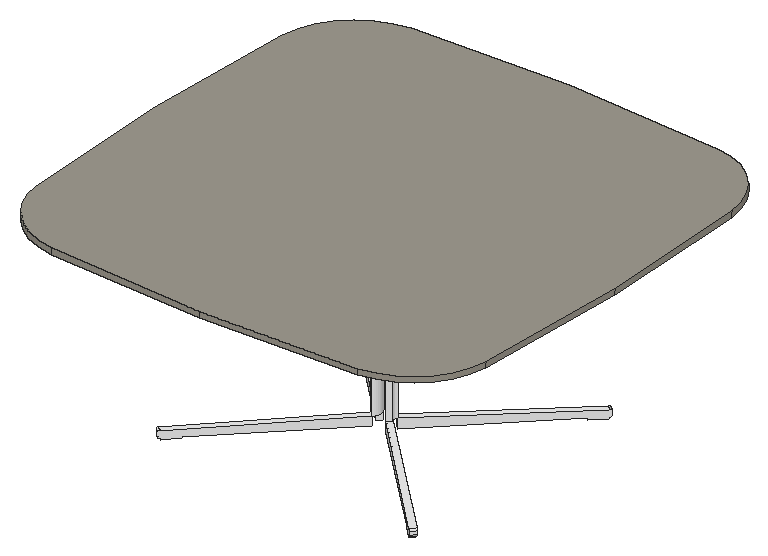
Revit family "Table-Coffee-Teknion-STMTQ_Envita-R2011", category Furniture, Revit 2013
Parameters (values of type "18 1/2" High")
  Width = 3' - 5.67"  # constant formula
  Warranty = "http://www.teknionstudio.com/pdfs/Teknion%20Studio%20Warranty.pdf"
  URL = "http://www.teknionstudio.com/"
  Surface and Edge Trim Finish [instance] = Wood - Teknion - MP G - Natural Maple Flat Edge
  Series = "Teknion Studio"
  Salvage or Reuse = yes
  Product Page URL = "http://www.teknionstudio.com/envita_tables/#.UkRdPz8QP-o"
  Product Line = "Envita"
  Product Documentation Link = "http://www.teknionstudio.com/pricing/STMTQ_ppg.pdf"
  Percentage of Recycled Content = 0
  Part Number = "STMTQ"
  Model = "STMTQC"
  Manufacturer Phone = "919-464-2920"
  Manufacturer Fax = "919-464-2927"
  Manufacturer Email = "mailto:customersupport@teknionstudio.com"
  Manufacturer Address = "3940 US 70 Business HWY West, Clayton, NC 27520"
  Manufacturer = "Teknion Studio"  # constant formula
  Low Emitting Material = yes
  Low Emitting Finish = yes
  Height = 1' - 6 1/2"
  Frame Finish [instance] = Metal - Teknion - C6 - Chrome
  Description = "Envita Square Coffee Table, 18 1/2\" (47cm) High"
  Depth = 3' - 5.67"  # constant formula
  Assembly Code = "E2020200"
Types (2): name | Model | Height | Description
  15" High | "STMTQA" | 1' - 3" | "Envita Square Coffee Table, 15\" (38cm) High"
  18 1/2" High | "STMTQC" | 1' - 6 1/2" | "Envita Square Coffee Table, 18 1/2\" (47cm) High"
Reference planes (in)
  plane 1 "Center F/B": y = 0
  plane 2: z = 0
  plane 3 "Center L/R": x = 0
  plane 4 "Top": z = 18.5
  plane 5: z = 18
  plane 6 "Side 1": through (-4.75087, 4.75087, 48) normal (0.7071, 0.7071, 0)
  plane 7 "Side 2": through (4.75087, 4.75087, 48) normal (0.7071, -0.7071, 0)
  plane 8: z = 17.875
  plane 9: through (-10.4521, 10.71726, 48) normal (0.7071, -0.7071, 0)
  plane 10: through (10.71726, -10.4521, 48) normal (0.7071, -0.7071, 0)
  plane 11: through (11.37912, -11.37912, 48) normal (-0.7071, 0.7071, 0)
  plane 12: through (-11.37912, 11.37912, 48) normal (-0.7071, 0.7071, 0)
  plane 13: through (11.37912, 11.37912, 48) normal (-0.7071, -0.7071, 0)
  plane 14: through (-10.71726, -10.4521, 48) normal (0.7071, 0.7071, 0)
  plane 15: through (-11.37912, -11.37912, 48) normal (-0.7071, -0.7071, 0)
  plane 16: through (10.4521, 10.71726, 48) normal (0.7071, 0.7071, 0)
  plane 17: through (-12.09615, 11.38904, 48) normal (0.7071, 0.7071, 0)
  plane 18: through (11.91049, 11.20338, 48) normal (0.7071, -0.7071, 0)
  plane 19: through (-12.10985, -11.40274, 48) normal (-0.7071, 0.7071, 0)
  plane 20: through (12.24463, -11.53752, 48) normal (-0.7071, -0.7071, 0)
  plane 21: through (-4.41942, 4.06586, 48) normal (0.7071, 0.7071, 0)
  plane 22: through (-4.06586, 4.41942, 48) normal (0.7071, 0.7071, 0)
  plane 23: through (-3.96143, -3.60788, 48) normal (-0.7071, 0.7071, 0)
  plane 24: through (-3.60788, -3.96143, 48) normal (-0.7071, 0.7071, 0)
  plane 25: through (-0.61872, 0.61872, 48) normal (-0.7071, 0.7071, 0)
  plane 26: through (0.61872, 0.61872, 48) normal (-0.7071, -0.7071, 0)
  plane 27: through (-0.61872, -0.61872, 48) normal (0.7071, 0.7071, 0)
  plane 28: through (0.61872, -0.61872, 48) normal (0.7071, -0.7071, 0)
  plane 29: z = 0.71114
  plane 30: z = 0.99005
  plane 31: z = 0.125
  plane 32: z = 17.12499
  plane 33: y = 20.835
  plane 34: y = -20.835
  plane 35: x = -20.835
  plane 36: x = 20.835
  plane 37: x = -15
  plane 38: y = 15
  plane 39: y = -15
  plane 40: x = 15
  plane 41: y = 13.91421
  plane 42: x = 12.5
  plane 43: y = -12.5
  plane 44: x = -12.5
  plane 45: x = -13.91421
  plane 46: x = 13.91421
  plane 47: y = 12.5
  plane 48: y = -13.91421
  plane 49: y = 1
  plane 50: y = -1
  plane 51: x = 1
  plane 52: y = -2.39925
  plane 53: x = 2.39925
  plane 54: x = -1
  plane 55: x = -2.39925
  plane 56: y = 2.39925
Forms (in)
  Extrusion 1, solid, material "Metal - Teknion - C6 - Chrome" <- "Frame Finish"
    sketch origin (0, 0, 18.5) x (-1, 0, 0) y (0, -1, 0)
      loop
        arc (0.97227, -0.26517) -> (0.875, 0) -> (0.97227, 0.26517) r 0.41006
        line (0.97227, 0.26517) -> (0.594, 0.64344)
        arc (0.594, 0.64344) -> (0.3186, 0) -> (0.594, -0.64344) r 0.88937
        line (0.594, -0.64344) -> (0.97227, -0.26517)
      loop
        line (-0.97227, -0.26517) -> (-0.61872, -0.61872)
        arc (-0.61872, -0.61872) -> (-0.35355, 0) -> (-0.61872, 0.61872) r 0.85442
        line (-0.61872, 0.61872) -> (-0.97227, 0.26517)
        arc (-0.97227, 0.26517) -> (-0.875, 0) -> (-0.97227, -0.26517) r 0.41006
    from -0.5 to -17.50995
  Extrusion 2, solid, material "Metal - Teknion - C6 - Chrome" <- "Frame Finish"
    sketch origin (0, 0, 18.5) x (-1, 0, 0) y (0, -1, 0)
      loop
        circle (0, 0) r 1
    from -1.37501 to -0.5
  Extrusion 3, solid, material "Metal - Teknion - C6 - Chrome" <- "Frame Finish"
    sketch origin (0, 0, 0) x (-0.707107, 0.707107, 0) y (0, 0, 1)
      loop
        line (14.969, 17.875) -> (0.875, 17.875) -> (0.875, 17.12499) -> (0.96858, 17.12499) -> (14.76346, 17.61766)
        arc (14.76346, 17.61766) -> (14.9088, 17.67786) -> (14.969, 17.8232) r 0.20554
        line (14.969, 17.8232) -> (14.969, 17.875)
      loop
        line (-0.875, 17.875) -> (-14.969, 17.875) -> (-14.969, 17.8232)
        arc (-14.969, 17.8232) -> (-14.91389, 17.68314) -> (-14.77812, 17.61818) r 0.20554
        line (-14.77812, 17.61818) -> (-0.96858, 17.12499) -> (-0.875, 17.12499) -> (-0.875, 17.875)
    from -0.25 to 0.25
  Extrusion 4, solid, material "Metal - Teknion - C6 - Chrome" <- "Frame Finish"
    sketch origin (4.75087, 4.75087, 48) x (0.707107, 0.707107, 0) y (0, 0, -1)
      loop
        line (8.25025, 30.125) -> (8.25025, 30.1768)
        arc (8.25025, 30.1768) -> (8.19005, 30.32214) -> (8.04471, 30.38234) r 0.20554
        line (8.04471, 30.38234) -> (-5.75017, 30.87501) -> (-5.84375, 30.87501) -> (-5.84375, 30.125) -> (8.25025, 30.125)
      loop
        line (-7.59375, 30.125) -> (-7.59375, 30.87501) -> (-7.68733, 30.87501) -> (-21.49687, 30.38182)
        arc (-21.49687, 30.38182) -> (-21.63264, 30.31686) -> (-21.68775, 30.1768) r 0.20554
        line (-21.68775, 30.1768) -> (-21.68775, 30.125) -> (-7.59375, 30.125)
    from -0.25 to 0.25
  Extrusion 5, solid, material "Metal - Teknion - C6 - Chrome" <- "Frame Finish"
    sketch origin (-12.09615, 11.38904, 48) x (-0.707107, 0.707107, 0) y (0, 0, 1)
      loop
        line (-0.51404, -47.725) -> (-0.51404, -47.43614)
        arc (-0.51404, -47.43614) -> (-0.557, -47.33105) -> (-0.66129, -47.28616) r 0.15
        line (-0.66129, -47.28616) -> (-15.73154, -47.00995) -> (-15.73154, -47.875) -> (-2.26598, -47.875) -> (-2.26598, -48) -> (-0.76173, -48) -> (-0.76173, -47.875) -> (-0.66404, -47.875)
        arc (-0.66404, -47.875) -> (-0.55797, -47.83107) -> (-0.51404, -47.725) r 0.15
    from 0 to 0.5
  Extrusion 6, solid, material "Metal - Teknion - C6 - Chrome" <- "Frame Finish"
    sketch origin (-12.10985, -11.40274, 48) x (-0.707107, -0.707107, 0) y (0, 0, 1)
      loop
        line (-0.53341, -47.725) -> (-0.53341, -47.43614)
        arc (-0.53341, -47.43614) -> (-0.57638, -47.33105) -> (-0.68066, -47.28616) r 0.15
        line (-0.68066, -47.28616) -> (-15.75091, -47.00995) -> (-15.75091, -47.875) -> (-2.28535, -47.875) -> (-2.28535, -48) -> (-0.78111, -48) -> (-0.78111, -47.875) -> (-0.68341, -47.875)
        arc (-0.68341, -47.875) -> (-0.57734, -47.83107) -> (-0.53341, -47.725) r 0.15
    from 0 to -0.5
  Extrusion 7, solid, material "Metal - Teknion - C6 - Chrome" <- "Frame Finish"
    sketch origin (4.75087, 4.75087, 48) x (0.707107, 0.707107, 0) y (0, 0, -1)
      loop
        arc (9.37375, 47.725) -> (9.32982, 47.83107) -> (9.22375, 47.875) r 0.15
        line (9.22375, 47.875) -> (9.12605, 47.875) -> (9.12605, 48) -> (7.62181, 48) -> (7.62181, 47.875) -> (-5.84375, 47.875) -> (-5.84375, 47.0081) -> (9.2265, 47.28616)
        arc (9.2265, 47.28616) -> (9.33078, 47.33105) -> (9.37375, 47.43614) r 0.15
        line (9.37375, 47.43614) -> (9.37375, 47.725)
    from 0 to -0.5
  Extrusion 8, solid, material "Metal - Teknion - C6 - Chrome" <- "Frame Finish"
    sketch origin (-4.75087, 4.75087, 48) x (-0.707107, 0.707107, 0) y (0, 0, 1)
      loop
        arc (-22.81125, -47.725) -> (-22.76732, -47.83107) -> (-22.66125, -47.875) r 0.15
        line (-22.66125, -47.875) -> (-22.56355, -47.875) -> (-22.56355, -48) -> (-21.05931, -48) -> (-21.05931, -47.875) -> (-7.59375, -47.875) -> (-7.59375, -47.00995) -> (-22.664, -47.28616)
        arc (-22.664, -47.28616) -> (-22.76828, -47.33105) -> (-22.81125, -47.43614) r 0.15
        line (-22.81125, -47.43614) -> (-22.81125, -47.725)
    from 0 to 0.5
  Extrusion 9, solid, material "Wood - Teknion - MP G - Natural Maple Flat Edge" <- "Surface and Edge Trim Finish"
    sketch origin (-15, -180, 18) x (-1, 0, 0) y (0, -1, 0)
      loop
        arc (-28.82063, -159.74661) -> (-33.21342, -161.78658) -> (-35.25339, -166.17937) r 7.05
        arc (-35.25339, -166.17937) -> (-35.68953, -173.08357) -> (-35.835, -180) r 164.5
        arc (-35.835, -180) -> (-35.68953, -186.91643) -> (-35.25339, -193.82063) r 164.5
        arc (-35.25339, -193.82063) -> (-33.21342, -198.21342) -> (-28.82063, -200.25339) r 7.05
        arc (-28.82063, -200.25339) -> (-21.91643, -200.68953) -> (-15, -200.835) r 164.5
        arc (-15, -200.835) -> (-8.08357, -200.68953) -> (-1.17937, -200.25339) r 164.5
        arc (-1.17937, -200.25339) -> (3.21342, -198.21342) -> (5.25339, -193.82063) r 7.05
        arc (5.25339, -193.82063) -> (5.68953, -186.91643) -> (5.835, -180) r 164.5
        arc (5.835, -180) -> (5.68953, -173.08357) -> (5.25339, -166.17937) r 164.5
        arc (5.25339, -166.17937) -> (3.21342, -161.78658) -> (-1.17937, -159.74661) r 7.05
        arc (-1.17937, -159.74661) -> (-8.08357, -159.31047) -> (-15, -159.165) r 164.5
        arc (-15, -159.165) -> (-21.91643, -159.31047) -> (-28.82063, -159.74661) r 164.5
    from 0 to 0.5
  Extrusion 10, solid, material "Metal - Teknion - C6 - Chrome" <- "Frame Finish"
    sketch origin (0, 0, 0) x (1, 0, 0) y (0, 1, 0)
      loop
        arc (-13, 15) -> (-14.41421, 14.41421) -> (-15, 13) r 2
        line (-15, 13) -> (-15, -13)
        arc (-15, -13) -> (-14.41421, -14.41421) -> (-13, -15) r 2
        line (-13, -15) -> (13, -15)
        arc (13, -15) -> (14.41421, -14.41421) -> (15, -13) r 2
        line (15, -13) -> (15, 13)
        arc (15, 13) -> (14.41421, 14.41421) -> (13, 15) r 2
        line (13, 15) -> (-13, 15)
    from 17.875 to 18
Lines and regions (in)
  Masking region 1
    outline origin (0, 0, 18.5) x (-1, 0, 0) y (0, -1, 0)
      loop
        arc (13.82063, -20.25339) -> (18.21342, -18.21342) -> (20.25339, -13.82063) r 7.05
        arc (20.25339, -13.82063) -> (20.68953, -6.91643) -> (20.835, 0) r 164.5
        arc (20.835, 0) -> (20.68953, 6.91643) -> (20.25339, 13.82063) r 164.5
        arc (20.25339, 13.82063) -> (18.21342, 18.21342) -> (13.82063, 20.25339) r 7.05
        arc (13.82063, 20.25339) -> (6.91643, 20.68953) -> (0, 20.835) r 164.5
        arc (0, 20.835) -> (-6.91643, 20.68953) -> (-13.82063, 20.25339) r 164.5
        arc (-13.82063, 20.25339) -> (-18.21342, 18.21342) -> (-20.25339, 13.82063) r 7.05
        arc (-20.25339, 13.82063) -> (-20.68953, 6.91643) -> (-20.835, 0) r 164.5
        arc (-20.835, 0) -> (-20.68953, -6.91643) -> (-20.25339, -13.82063) r 164.5
        arc (-20.25339, -13.82063) -> (-18.21342, -18.21342) -> (-13.82063, -20.25339) r 7.05
        arc (-13.82063, -20.25339) -> (-6.91643, -20.68953) -> (0, -20.835) r 164.5
        arc (0, -20.835) -> (6.91643, -20.68953) -> (13.82063, -20.25339) r 164.5
  symbolic lines, style "Hidden Lines", detail levels medium+fine
    curve 1: line (11.37912, 11.37912, 18.5) -> (0.61872, 0.61872, 18.5)
    curve 2: circle (0, 0, 18.5) r 0.875 normal (0, 0, 1)
    curve 3: circle (0, 0, 18.5) r 0.6875 normal (0, 0, 1)
    curve 4: arc (-0.49745, -0.47455, 18.5) -> (-0.35355, 0, 18.5) -> (-0.49745, 0.47455, 18.5) r 0.85442
    curve 5: arc (0.49745, 0.47455, 18.5) -> (0.35355, 0, 18.5) -> (0.49745, -0.47455, 18.5) r 0.85442
    curve 14: line (-11.73267, -11.02556, 18.5) -> (-0.96593, -0.25882, 18.5)
    curve 15: line (11.73267, 11.02556, 18.5) -> (0.97227, 0.26517, 18.5)
    curve 16: line (11.37912, -11.37912, 18.5) -> (11.73267, -11.02556, 18.5)
    curve 17: line (11.73267, -11.02556, 18.5) -> (0.97227, -0.26517, 18.5)
    curve 18: line (-11.73267, 11.02556, 18.5) -> (-0.97227, 0.26517, 18.5)
    curve 19: line (-11.73267, 11.02556, 18.5) -> (-11.37912, 11.37912, 18.5)
    curve 20: line (-11.37912, 11.37912, 18.5) -> (-0.61872, 0.61872, 18.5)
    curve 21: line (-11.37912, -11.37912, 18.5) -> (-11.73267, -11.02556, 18.5)
    curve 22: line (11.73267, 11.02556, 18.5) -> (11.37912, 11.37912, 18.5)
    curve 23: line (-0.61872, -0.61872, 18.5) -> (-11.37912, -11.37912, 18.5)
    curve 24: line (0.61872, -0.61872, 18.5) -> (11.37912, -11.37912, 18.5)
  symbolic lines, style "Hidden Lines", detail levels fine
    curve 6: line (-15, -13, 18.5) -> (-15, 13, 18.5)
    curve 7: line (-13, 15, 18.5) -> (13, 15, 18.5)
    curve 8: line (15, -13, 18.5) -> (15, 13, 18.5)
    curve 9: line (-13, -15, 18.5) -> (13, -15, 18.5)
    curve 10: arc (-15, -13, 18.5) -> (-14.41421, -14.41421, 18.5) -> (-13, -15, 18.5) r 2
    curve 11: arc (13, -15, 18.5) -> (14.41421, -14.41421, 18.5) -> (15, -13, 18.5) r 2
    curve 12: arc (13, 15, 18.5) -> (14.41421, 14.41421, 18.5) -> (15, 13, 18.5) r 2
    curve 13: arc (-13, 15, 18.5) -> (-14.41421, 14.41421, 18.5) -> (-15, 13, 18.5) r 2
Dimensions and locks (in)
  locked: plane 4 "Top" to plane 5 at 0.5
  equal spacing: plane 10, plane 7 "Side 2", plane 9
  locked: plane 10 to plane 9 at 29.938
  equal spacing: plane 16, plane 6 "Side 1", plane 14
  locked: plane 16 to plane 14 at 29.938
  equal spacing: plane 13, plane 6 "Side 1", plane 15
  locked: plane 13 to plane 15 at 32.185
  locked: plane 11 to plane 12 at 32.185
  equal spacing: plane 11, plane 7 "Side 2", plane 12
  equal spacing: plane 22, plane 6 "Side 1", plane 21
  locked: plane 22 to plane 21 at 0.5
  equal spacing: plane 23, plane 7 "Side 2", plane 24
  locked: plane 23 to plane 24 at 0.5
  locked: plane 20 to plane 6 "Side 1" at 0.5
  locked: plane 19 to plane 7 "Side 2" at 0.5
  locked: plane 7 "Side 2" to plane 18 at 0.5
  locked: plane 6 "Side 1" to plane 17 at 0.5
  equal spacing: plane 25, plane 7 "Side 2", plane 28
  plane 25 to plane 28 = 0' - 1 3/4"
  equal spacing: plane 26, plane 6 "Side 1", plane 27
  plane 26 to plane 27 = 0' - 1 3/4"
  locked: plane 5 to plane 8 at 0.125
  locked: plane 4 "Top" to plane 32 at 1.37501
  locked: plane 30 to plane 29 at 0.27891
  locked: plane 31 to plane 2 at 0.125
  plane 30 to plane 2 = 0' - 0.99005"
  plane 15 to Extrusion 6 sketch curve to Extrusion 6 sketch curve = 0' - 0.2477" locked, 0' - 1.50425" locked
  locked: Extrusion 7 sketch curve to Extrusion 7 sketch curve at 1.50425
  locked: Extrusion 7 sketch curve to plane 13 at 0.2477
  locked: Extrusion 8 sketch curve to Extrusion 8 sketch curve at 1.50425
  locked: Extrusion 8 sketch curve to plane 11 at 0.2477
  locked: Extrusion 5 sketch curve to Extrusion 5 sketch curve at 1.50425
  locked: plane 12 to Extrusion 5 sketch curve at 0.2477
  "Height": plane 4 "Top" to plane 2
  plane 39 to plane 48 to plane 43 = 0' - 1.08579" locked, 0' - 1.41421" locked
  locked: plane 34 to plane 39 at 5.835
  locked: plane 40 to plane 36 at 5.835
  locked: plane 35 to plane 37 at 5.835
  plane 42 to plane 46 to plane 40 = 0' - 1.41421" locked, 0' - 1.08579" locked
  plane 37 to plane 45 to plane 44 = 0' - 1.08579" locked, 0' - 1.41421" locked
  plane 38 to plane 41 to plane 47 = 0' - 1.08579" locked, 0' - 1.41421" locked
  locked: plane 33 to plane 38 at 5.835
  equal spacing: plane 56, plane 1 "Center F/B", plane 52, locked at 2.39925 each
  equal spacing: plane 50, plane 1 "Center F/B", plane 49, locked at 1 each
  equal spacing: plane 55, plane 3 "Center L/R", plane 53, locked at 2.39925 each
  equal spacing: plane 54, plane 3 "Center L/R", plane 51, locked at 1 each
  equal spacing: plane 35, plane 3 "Center L/R", plane 36
  "Depth": plane 35 to plane 36
  equal spacing: plane 33, plane 1 "Center F/B", plane 34
  "Width": plane 33 to plane 34
  locked: plane 4 "Top" to Extrusion 4 sketch curve at 1.4078  (x2)
  Extrusion 1 sketch curve to plane 3 "Center L/R" to Extrusion 1 sketch curve = 0' - 1.20797" locked, 0' - 1.20797" locked
  Extrusion 1 sketch curve to plane 3 "Center L/R" to Extrusion 1 sketch curve = 0' - 1.28506" locked, 0' - 1.28506" locked
  radius of Extrusion 6 sketch curve = 0' - 0.15"  (x2)
  radius of Extrusion 7 sketch curve = 0' - 0.15"  (x2)
  radius of Extrusion 8 sketch curve = 0' - 0.15"  (x2)
  radius of Extrusion 5 sketch curve = 0' - 0.15"  (x2)
  radius of Extrusion 10 sketch curve = 0' - 2"  (x4)
  locked: plane 3 "Center L/R" to plane 6 "Side 1" (angle 45.00°)
  locked: plane 7 "Side 2" to plane 3 "Center L/R" (angle 45.00°)
  aligned and locked: level to plane 2
  aligned and locked: Extrusion 1 sketch curve to plane 25
  aligned and locked: plane 27 to Extrusion 1 sketch curve
  aligned and locked: plane 26 to Extrusion 1 sketch curve
  aligned and locked: Extrusion 1 sketch curve to plane 28
  aligned and locked: plane 30 to Extrusion 1
  aligned and locked: plane 3 "Center L/R" to Extrusion 2 sketch curve
  aligned and locked: plane 1 "Center F/B" to Extrusion 2 sketch curve
  aligned and locked: plane 5 to Extrusion 2
  aligned and locked: Extrusion 2 to plane 32
  aligned and locked: plane 8 to Extrusion 3 sketch curve
  aligned and locked: plane 32 to Extrusion 3 sketch curve
  aligned and locked: plane 25 to Extrusion 3 sketch curve
  aligned and locked: plane 28 to Extrusion 3 sketch curve
  aligned and locked: plane 9 to Extrusion 3 sketch curve
  aligned and locked: Extrusion 3 sketch curve to plane 10
  aligned and locked: Extrusion 3 to plane 22
  aligned and locked: Extrusion 4 to plane 23
  aligned and locked: Extrusion 4 to plane 24
  aligned and locked: Extrusion 5 sketch curve to plane 12
  aligned and locked: plane 31 to Extrusion 5 sketch curve
  aligned and locked: plane 2 to Extrusion 5 sketch curve
  aligned and locked: plane 25 to Extrusion 5 sketch curve
  aligned and locked: plane 6 "Side 1" to Extrusion 5
  aligned and locked: Extrusion 6 to plane 7 "Side 2"
  aligned and locked: plane 15 to Extrusion 6 sketch curve
  aligned and locked: Extrusion 6 sketch curve to plane 31  (x2)
  aligned and locked: Extrusion 6 sketch curve to plane 27
  aligned and locked: Extrusion 6 sketch curve to plane 2
  aligned and locked: plane 26 to Extrusion 7 sketch curve
  aligned and locked: plane 2 to Extrusion 7 sketch curve
  aligned and locked: plane 31 to Extrusion 7 sketch curve
  aligned and locked: Extrusion 7 sketch curve to plane 13
  aligned and locked: plane 18 to Extrusion 7
  aligned and locked: plane 28 to Extrusion 8 sketch curve
  aligned and locked: plane 31 to Extrusion 8 sketch curve  (x2)
  aligned and locked: Extrusion 8 sketch curve to plane 11
  aligned and locked: plane 2 to Extrusion 8 sketch curve
  aligned and locked: Extrusion 8 to plane 20
  aligned and locked: curve 1 to plane 7 "Side 2"
  aligned and locked: plane 35 to Extrusion 9 sketch curve
  aligned and locked: plane 33 to Extrusion 9 sketch curve
  aligned and locked: plane 36 to Extrusion 9 sketch curve
  aligned and locked: plane 34 to Extrusion 9 sketch curve
  aligned and locked: Extrusion 10 sketch curve to plane 38
  aligned and locked: plane 39 to Extrusion 10 sketch curve
  aligned and locked: Extrusion 10 sketch curve to plane 37
  aligned and locked: plane 40 to Extrusion 10 sketch curve
  aligned and locked: Masking region 1 sketch curve to Extrusion 9  (x12)
  aligned and locked: curve 6 to plane 37
  aligned and locked: curve 7 to plane 38
  aligned and locked: plane 40 to curve 8
  aligned and locked: plane 39 to curve 9
  aligned and locked: curve 14 to plane 19
  aligned and locked: curve 15 to plane 18
  aligned and locked: curve 16 to plane 11
  aligned and locked: curve 17 to plane 20
  aligned and locked: curve 18 to plane 17
  aligned and locked: curve 19 to plane 12
  aligned and locked: curve 20 to plane 6 "Side 1"
  aligned and locked: curve 21 to plane 15
  aligned and locked: curve 22 to plane 13
  aligned and locked: plane 25 to curve 18
  aligned and locked: plane 27 to curve 23
  aligned and locked: plane 26 to curve 15
  aligned and locked: plane 25 to curve 20
  aligned and locked: plane 28 to curve 17
  aligned and locked: plane 28 to curve 24
  aligned and locked: plane 5 to Extrusion 10
  aligned and locked: Extrusion 10 to plane 8
  aligned and locked: plane 4 "Top" to Extrusion 9
  aligned and locked: plane 5 to Extrusion 1
  aligned and locked: Extrusion 3 to plane 21
  aligned and locked: Extrusion 4 to plane 26
  aligned and locked: Extrusion 4 to plane 27
  aligned and locked: plane 1 "Center F/B" to Extrusion 1 sketch curve  (x4)
Automatic sketch dimensions
  plane 32 to Extrusion 3 sketch curve = 0' - 0"
  plane 8 to Extrusion 3 sketch curve = 0' - 0"
  plane 10 to Extrusion 3 sketch curve = 0' - 0.19088"
  Extrusion 3 sketch curve to plane 8 = 0' - 0.0518"
  Extrusion 3 sketch curve to Extrusion 3 sketch curve = 0' - 0.20554"
  Extrusion 3 sketch curve to Extrusion 3 sketch curve = 0' - 0.09358"  (x2)
  plane 9 to Extrusion 3 sketch curve = 0' - 0.20554"
  Extrusion 3 sketch curve to plane 8 = 0' - 0.25734"
  Extrusion 4 sketch curve to plane 14 = 0' - 0"
  plane 32 to Extrusion 4 sketch curve = 0' - 0"  (x2)
  plane 8 to Extrusion 4 sketch curve = 0' - 0"  (x2)
  plane 27 to Extrusion 4 sketch curve = 0' - 0"
  plane 26 to Extrusion 4 sketch curve = 0' - 0"
  Extrusion 4 sketch curve to plane 16 = 0' - 0"
  Extrusion 4 sketch curve to plane 14 = 0' - 0.19088"
  plane 8 to Extrusion 4 sketch curve = 0' - 0.0518"
  Extrusion 4 sketch curve to Extrusion 4 sketch curve = 0' - 0.01466"
  Extrusion 4 sketch curve to Extrusion 4 sketch curve = 0' - 0.09358"
  Extrusion 4 sketch curve to plane 26 = 0' - 0.09358"
  Extrusion 4 sketch curve to plane 16 = 0' - 0.20554"
  plane 8 to Extrusion 4 sketch curve = 0' - 0.25734"
  Extrusion 5 sketch curve to plane 31 = 0' - 0"
  plane 30 to Extrusion 5 sketch curve = 0' - 0"
  plane 29 to Extrusion 5 sketch curve = 0' - 0.0027"
  plane 12 to Extrusion 5 sketch curve = 0' - 0.14725"
  plane 30 to Extrusion 6 sketch curve = 0' - 0"
  plane 29 to Extrusion 6 sketch curve = 0' - 0.0027"
  plane 15 to Extrusion 6 sketch curve = 0' - 0.14725"
  Extrusion 7 sketch curve to plane 31 = 0' - 0"
  Extrusion 7 sketch curve to plane 30 = 0' - 0.00185"
  Extrusion 7 sketch curve to plane 29 = 0' - 0.0027"
  Extrusion 7 sketch curve to plane 13 = 0' - 0.14725"
  plane 30 to Extrusion 8 sketch curve = 0' - 0"
  plane 29 to Extrusion 8 sketch curve = 0' - 0.0027"
  plane 11 to Extrusion 8 sketch curve = 0' - 0.14725"
  Extrusion 9 sketch curve to Extrusion 9 sketch curve = 0' - 0"  (x11)
  plane 1 "Center F/B" to Extrusion 9 sketch curve = 0' - 0"
  plane 7 "Side 2" to Extrusion 9 sketch curve = 0' - 0"
  plane 6 "Side 1" to Extrusion 9 sketch curve = 0' - 0"
  Extrusion 9 sketch curve to plane 3 "Center L/R" = 0' - 0"  (x2)
  Extrusion 9 sketch curve to plane 7 "Side 2" = 0' - 0"
  Extrusion 9 sketch curve to plane 6 "Side 1" = 0' - 0"
  Extrusion 9 sketch curve to plane 1 "Center F/B" = 0' - 0"
  Extrusion 9 sketch curve to Extrusion 9 sketch curve = 10' - 2.83"
  Extrusion 9 sketch curve to plane 41 = 0' - 0.09358"
  plane 36 to Extrusion 9 sketch curve = 0' - 0.58161"  (x2)
  plane 48 to Extrusion 9 sketch curve = 0' - 0.09358"
  Extrusion 9 sketch curve to Extrusion 9 sketch curve = 0' - 0.59231"  (x2)
  plane 45 to Extrusion 9 sketch curve = 0' - 0.68589"
  Extrusion 9 sketch curve to plane 41 = 0' - 0.68589"
  plane 18 to Extrusion 1 sketch curve = 0' - 0"
  Extrusion 1 sketch curve to plane 6 "Side 1" = 0' - 0"
  plane 6 "Side 1" to Extrusion 1 sketch curve = 0' - 0.03496"
  Extrusion 1 sketch curve to plane 17 = 0' - 0"
  curve 2 to curve 3 = 0' - 0"  (x2)
  curve 1 to curve 5 = 0' - 0.12126"
  curve 24 to plane 6 "Side 1" = 0' - 0"
  curve 23 to plane 7 "Side 2" = 0' - 0"
  plane 42 to curve 11 = 0' - 0 1/2"
  plane 42 to curve 12 = 0' - 0 1/2"
  plane 54 to curve 14 = 0' - 0.03407"
  plane 43 to curve 10 = 0' - 0 1/2"
  plane 44 to curve 13 = 0' - 0 1/2"
  radius of Extrusion 2 sketch curve = 0' - 1"
